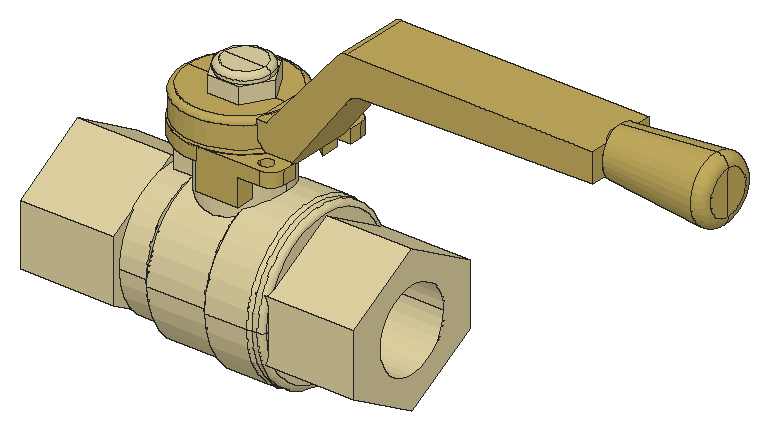
Revit family "QP00960000", category Apparecchi idraulici, Revit 2020
Family settings
  Quota connettore circolare = Usa diametro
  Tipo di parte = Normale
  Numero OmniClass = 23.45.00.00
  Titolo OmniClass = Sanitary, Laundry, and Cleaning Equipment
  Basato su piano di lavoro = No
  Sempre verticale = Sì
  Taglio con vuoti quando caricato = No
  Condiviso = No
  Punto di calcolo locali = No
Parameters
  URL = "https://web.cimberio.com/index.php/figura/813?subcategoria_id=95351"
  Temperatura di esercizio = "- 40 ÷ 60°C"
  Prospetto di default = 0 mm
  Produttore = "CIMBERIO SPA"
  Pressione nominale = "600 psi da 1/4\" a 1 1/4\"; 500 psi per 1 1/2\"; 400 psi per 2\""
  Modello = "Cim 16.1GNPT"
  Materiale = "Prodotto in lega di ottone conforme alla norma EN 12165-CW617N-DW"
  Description = ""
  DN Model [instance] = QP00961015 : QP00961015
  DN [instance] = 15 mm
  Commenti sul tipo = "Realizzato in ottemperanza ai requisiti gestionali della norma EN ISO 9001.\r\nCollaudato al 100% secondo la normativa EN 12266-1"
Reference planes
  plane 1 "Centro (Fronte/Retro)": y = 0
  plane 2: z = 0
  plane 3 "Centro (Sinistra/Destra)": x = 0
Dimensions and locks
  aligned and locked: level to plane 2
Nested families
  nested 1: "QP00961015" at (0, 0, 0), type <- "DN Model", type "QP00961015"
  nested 2: "QP00961015" at (0, 0, 0), type <- "DN Model", type "QP00961015"
  nested 3: "QP00961015" at (0, 0, 0), type <- "DN Model", type "QP00961015"
  nested 4: "QP00961015" at (0, 0, 0), type <- "DN Model", type "QP00961015"
  nested 5: "QP00961015" at (0, 0, 0), type <- "DN Model", type "QP00961015"
  nested 6: "QP00961015" at (0, 0, 0), type <- "DN Model", type "QP00961015"
  nested 7: "QP00961015" at (0, 0, 0), type <- "DN Model", type "QP00961015"
  nested 8: "QP00961015" at (0, 0, 0), type <- "DN Model", type "QP00961015"
Connectors
  piping at (31.1, 0.002, 0), diameter 15, driven by "DN"
    settings: on nested 1, index 1, connector inside diameter 609.6 mm, connector length 0 mm, flow factor 0, pipe flow 0.0 L/s, pressure drop 0.0 Pa, fitting loss kfactor 0, connector angle 0.00°, fixture units 0, engagement length 0 mm, angle of deflection 0.00°, flow configuration 0, flow direction 0, fitting loss method 0, system type 7, joint type 0, gender type 0, connector reference index -1, connector utility 0, adjustable connector no, is connector primary yes, connector description ""
  piping at (-31, 0, 0), diameter 15, driven by "DN"
    settings: on nested 1, index 2, connector inside diameter 609.6 mm, connector length 0 mm, flow factor 0, pipe flow 0.0 L/s, pressure drop 0.0 Pa, fitting loss kfactor 0, connector angle 0.00°, fixture units 0, engagement length 0 mm, angle of deflection 0.00°, flow configuration 0, flow direction 0, fitting loss method 0, system type 7, joint type 0, gender type 0, connector reference index -1, connector utility 0, adjustable connector no, is connector primary no, connector description ""
Definition of nested family "QP00961015"
  Parameters (values of type "QP00961015")
    Default Elevation = 0 mm
  Reference planes
    plane 1 "Centro (Fronte/Retro)": y = 0
    plane 2: z = 0
    plane 3 "Centro (Sinistra/Destra)": x = 0
  Forms (mm)
    Revolve 1, solid
      sketch origin (0, 0, 0) x (1, 0, 0) y (0, 1, 0)
        loop
          line (-13.5, 7.5) -> (15.1, 7.5) -> (15.1, 13.75)
          arc (15.1, 13.75) -> (14.807, 14.457) -> (14.1, 14.75) r 1
          line (14.1, 14.75) -> (13.04, 14.75) -> (12.286, 15) -> (4.6, 15) -> (3.7, 14.1) -> (-6.9, 14.1) -> (-8.5, 12.5) -> (-13.5, 12.5) -> (-13.5, 7.5)
        axis (-13.5, 0) -> (15.1, 0)
      angle from 0 to 360
    Extrusion 2, solid
      sketch origin (0, 0, 0) x (0, 1, 0) y (0, 0, 1)
        loop
          circle (0, 0) r 7.5
        loop
          line (0, 13.5) -> (-13.5, 5.706) -> (-13.5, -5.706) -> (0, -13.5) -> (13.5, -5.706) -> (13.5, 5.706) -> (0, 13.5)
      from -31 to -13.5
    Extrusion 3, solid
      sketch origin (0, 0, 0) x (0, 1, 0) y (0, 0, -1)
        loop
          circle (0, 0) r 7.5
        loop
          line (0, -13.5) -> (13.489, -5.712) -> (13.489, 5.712) -> (0, 13.5) -> (-13.484, 5.715) -> (-13.484, -5.715) -> (0, -13.5)
      from -31.1 to -13.5
    Revolve 4, solid
      sketch origin (0, 0, 0) x (1, 0, 0) y (0, 0, 1)
        loop
          line (0.099, 21) -> (-7.603, 21) -> (-7.603, 9.88) -> (0.099, 9.88) -> (0.099, 21)
        axis (0.099, 21) -> (0.099, 9.88)
      angle from 0 to 360
    Extrusion 5, solid
      sketch origin (0, 0, 0) x (1, 0, 0) y (0, 0, 1)
        loop
          line (-7, 21) -> (-12, 21) -> (-12, 11.794) -> (-7, 11.794) -> (-7, 21)
      from -1.5 to 1.5
    Revolve 6, solid
      sketch origin (0, 0, 0) x (1, 0, 0) y (0, 0, 1)
        loop
          line (-7, 21) -> (0, 21) -> (0, 26.646) -> (-7, 26.646) -> (-7, 21)
        axis (0, 26.646) -> (0, 21)
      angle from 0 to 360
    Revolve 7, solid
      sketch origin (0, 0, 0) x (1, 0, 0) y (0, 0, 1)
        loop
          line (-0.901, 29.8) -> (-10.5, 29.8)
          arc (-10.5, 29.8) -> (-11.207, 29.507) -> (-11.5, 28.8) r 1
          line (-11.5, 28.8) -> (-11.5, 24.8) -> (-0.901, 24.8) -> (-0.901, 29.8)
        axis (-0.901, 29.8) -> (-0.901, 24.8)
      angle from 0 to 360
    Extrusion 8, solid
      sketch origin (0, 0, 0) x (1, 0, 0) y (0, 1, 0)
        loop
          circle (0, 0) r 11.5
      from 22.3 to 24.8
    Extrusion 9, solid
      sketch origin (0, 0, 0) x (1, 0, 0) y (0, 1, 0)
        loop
          arc (0, 11.5) -> (5.362, 10.173) -> (9.487, 6.5) r 11.5
          line (9.487, 6.5) -> (14.5, 6.5) -> (14.5, 8.999)
          arc (14.5, 8.999) -> (13.768, 10.767) -> (12, 11.5) r 2.5
          line (12, 11.5) -> (0, 11.5)
        loop
          line (0, -11.5) -> (12, -11.5)
          arc (12, -11.5) -> (13.768, -10.767) -> (14.5, -8.999) r 2.5
          line (14.5, -8.999) -> (14.5, -6.5) -> (9.487, -6.5)
          arc (9.487, -6.5) -> (5.362, -10.173) -> (0, -11.5) r 11.5
        loop
          circle (11.3, 9) r 1.25
        loop
          circle (11.3, -9) r 1.25
      from 17.3 to 24.8
    Extrusion 10, solid
      sketch origin (0, 0, 0) x (1, 0, 0) y (0, 1, 0)
        loop
          line (-5.77, 0) -> (-2.885, -4.997) -> (2.885, -4.997) -> (5.77, 0) -> (2.885, 4.997) -> (-2.885, 4.997) -> (-5.77, 0)
      from 29.8 to 32.8
    Revolve 11, solid
      sketch origin (0, 0, 0) x (1, 0, 0) y (0, 0, 1)
        loop
          arc (-3.749, 34.3) -> (-4.457, 34.007) -> (-4.75, 33.3) r 1
          line (-4.75, 33.3) -> (-4.75, 32.466) -> (0, 32.466) -> (0, 34.3) -> (-3.749, 34.3)
        axis (0, 34.3) -> (0, 32.466)
      angle from 0 to 360
    Extrusion 12, solid
      sketch origin (0, 0, 0) x (1, 0, 0) y (0, 0, 1)
        loop
          line (7.519, 29.8) -> (7.519, 26.64) -> (10.054, 23.504) -> (13.195, 23.504) -> (24.699, 39.013)
          arc (24.699, 39.013) -> (25.386, 39.598) -> (26.261, 39.822) r 2.002
          line (26.261, 39.822) -> (70, 40.824) -> (70, 46.3) -> (24.117, 46.3)
          arc (24.117, 46.3) -> (23.271, 46.113) -> (22.585, 45.586) r 1.997
          line (22.585, 45.586) -> (9.361, 29.8) -> (7.519, 29.8)
      from -6.5 to 6.5
    Revolve 13, solid
      sketch origin (0, 0, 0) x (1, 0, 0) y (0, 0, 1)
        loop
          line (70, 48.05) -> (68.25, 46.3) -> (68.25, 43.562) -> (90, 43.562) -> (90, 47.605)
          arc (90, 47.605) -> (89.352, 49.079) -> (87.827, 49.597) r 2
          line (87.827, 49.597) -> (70, 48.05)
        axis (68.25, 43.562) -> (90, 43.562)
      angle from 0 to 360
    Extrusion 14, void
      sketch origin (0, -11.5, 0) x (-1, 0, 0) y (0, 0, 1)
        loop
          line (-7.989, 22.3) -> (-15.754, 22.3) -> (-15.754, 16.305) -> (-7.989, 16.305) -> (-7.989, 22.3)
      from 0 to 27.453
  Cuts and joins
    joined: Revolve 1, Revolve 4, Extrusion 5
    Extrusion 14 cuts Extrusion 9
  Dimensions and locks
    aligned and locked: level to plane 2
